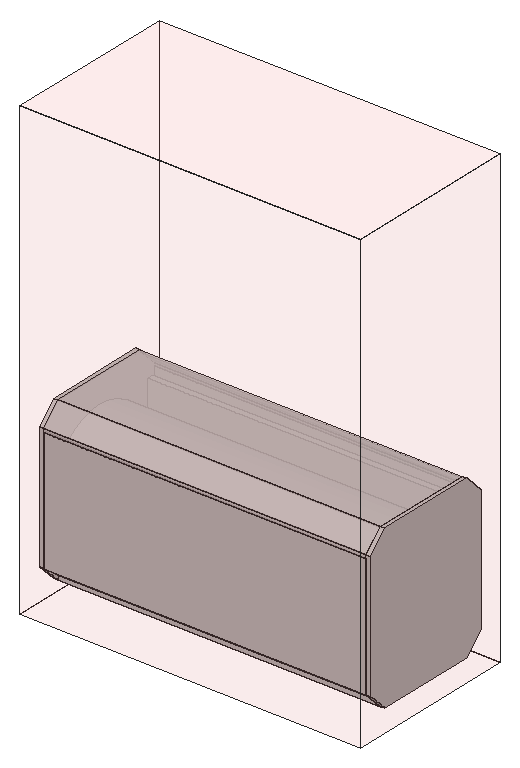
Revit family "Air-Curtain_Specialty_PoweredAire_LDX-Hazardous", category Mechanical Equipment, host Face, Revit 2019
Family settings
  Host = Face
  Round Connector Dimension = Use Diameter
  Part Type = Normal
  OmniClass Number = 23.75.35.17.21
  OmniClass Title = Air Curtains
  Cut with Voids When Loaded = No
  Shared = No
  Room Calculation Point = No
Parameters
  Warranty Duration (Years) = 0
  Unit Width Notes = "Other Widths available."  # constant formula
  Unit Width = 3' - 0"
  Unit Weight = 0
  Unit Height = 1' - 3"
  Unit Depth = 1' - 5 1/2"
  URL = "http://www.poweredaire.com/"
  Test Data = ""
  Standards Conformance = "as Specified"
  Specification = "http://www.arcat.com/sdspecs/htm04/23_34_33pai.htm"
  SpecWizard = ""
  Sound Pressure = "as Specified"
  Sales Information = "http://www.poweredaire.com/contact_us"
  Revision = "R1_2016-08"
  Projection from Host [instance] = 0' - 2"
  Product Properties = ""
  Product Data = "http://www.arcat.com/arcatcos/cos47/arc47623.html"
  Power Rating = 0 W
  Nozzle Width = if(1 = 1, Unit Width - 0' 1", 0' 0")  # 2' - 11"
  Mounting Width = if(1 = 1, Unit Width - 0' 0 15/16", 0' 0")  # 2' - 11 1/16"
  Mounting Height [instance] = 3' - 6"
  Motor RPM = 0
  Motor HP = 0
  Motor Count = 0
  Model = "As Specified"
  Max Height = 0' - 0"
  Manufacturer Website = "http://www.poweredaire.com/"
  Manufacturer Phone - Toll Free = "888-321-2473"
  Manufacturer Phone = "724-588-3305"
  Manufacturer Fax = "724-588-3371"
  Manufacturer Address = "109 Mortensen Rd.  Greenville, PA 16125"
  Manufacturer = "Powered Aire, Inc"
  Maintenance Schedule (Months) = 0
  Keynote = "23 34 33"
  Installation-Fabrication = ""
  Installation Phase = ""
  Include Clearance [instance] = yes
  Heating Element Load = 0 W
  HVAC_Temperature Rise = 0 °F
  HVAC_Outlet Volume = 0 CFM
  HVAC_Outlet Velocity Uniformity = 0
  HVAC_Outlet Velocity = 0 FPM
  Green Building-LEED = "http://www.arcat.com/green/clients/leed_data_47623.html"
  Front Grating Material [instance] = Metal - Steel - PoweredAire - Stainless 304 Perforated
  Frame Finish [instance] = Metal - Steel - PoweredAire - Stainless 304
  Expected Lifespan (Years) = 0
  Electrical_Wattage [instance] = Power Rating + Heating Element Load  # 0 W
  Electrical_Voltage [instance] = 0 V
  Electrical_Phase [instance] = 1
  Electrical_Frequency [instance] = 0 Hz
  Electrical_Amperage [instance] = 0 A
  Drawn By = "Sumex Design, Inc. / Robert S. Weygant, CSI, CDT, SCIP"
  Description = "Powered Aire Air Curtain as Specified"
  Default Elevation = 0' - 0"  # constant formula
  Copyright = "©Arcat Inc."
  Construction Details = "http://www.arcat.com/details/powair/prod3336.html"
  Clearance_Top [instance] = 0' - 2"
  Clearance_Side B [instance] = 0' - 0 1/2"
  Clearance_Side A [instance] = 0' - 0 1/2"
  Clearance_Intake [instance] = 2' - 6"
  Clearance_Bottom [instance] = 0' - 2"
  Clearance Material [instance] = ARCAT Clearance
  Building Codes = ""
  Available Options [instance] = "as Specified"
  Assembly Code = "D3090400"
Reference planes (in)
  plane 1 "Center (Elevation)": y = 0.13818
  plane 2: z = 0
  plane 3 "Center (Left/Right)": x = 0
  plane 4: y = 7.63818
  plane 5: y = -7.36182
  plane 6: x = -18
  plane 7: x = 18
  plane 8: z = 19.5
  plane 9 "FF": y = -41.86182
  plane 10: z = 2
  plane 11: x = 17.5
  plane 12: x = -17.5
  plane 13: y = 9.63818
  plane 14: y = -9.36182
  plane 15: x = -18.5
  plane 16: x = 18.5
  plane 17: z = 49.5
Forms (in)
  Extrusion 1, solid, material "Metal - Steel - PoweredAire - Stainless 304" <- "Frame Finish"
    sketch origin (0, 0, 0) x (0, 1, 0) y (0, 0, 1)
      loop
        line (5.69363, 2) -> (7.63818, 3.94454) -> (7.63818, 17.55546) -> (5.69363, 19.5) -> (-5.41728, 19.5) -> (-7.36182, 17.55546) -> (-7.36182, 3.94454) -> (-5.41728, 2) -> (5.69363, 2)
    from 17.5 to 18
  Extrusion 2, solid, material "Metal - Steel - PoweredAire - Stainless 304" <- "Frame Finish"
    sketch origin (0, 0, -0.5) x (0, 1, 0) y (0, 0, 1)
      loop
        circle (0.13818, 10.9739) r 6.25
      loop
        line (6.63818, 16.89427) -> (6.63818, 5.87829) -> (7.33849, 5.87829) -> (7.33849, 16.89427) -> (6.63818, 16.89427)
      loop
        line (-7.02798, 16.76927) -> (-7.02798, 5.75329) -> (-6.36182, 5.75329) -> (-6.36182, 16.76927) -> (-7.02798, 16.76927)
    from -17.5 to 17.5
  Extrusion 3, solid, material "Metal - Steel - PoweredAire - Stainless 304" <- "Frame Finish"
    sketch origin (0, 0, 0) x (0, 1, 0) y (0, 0, -1)
      loop
        line (5.69363, -2) -> (-5.41728, -2) -> (-7.36182, -3.94454) -> (-7.36182, -17.55546) -> (-5.41728, -19.5) -> (5.69363, -19.5) -> (7.63818, -17.55546) -> (7.63818, -3.94454) -> (5.69363, -2)
    from 17.5 to 18
  Extrusion 4, solid, material "Metal - Steel - PoweredAire - Stainless 304" <- "Frame Finish"
    sketch origin (0, 0, 0) x (0, 1, 0) y (0, 0, 1)
      loop
        line (-5.41728, 2) -> (5.69363, 2) -> (7.63818, 3.94454) -> (7.63818, 17.19454) -> (7.51318, 17.19454) -> (7.51318, 3.99632) -> (5.64186, 2.125) -> (-5.29228, 2.125) -> (-5.29228, 4.06954) -> (-7.23682, 4.06954) -> (-7.23682, 17.19454) -> (-7.36182, 17.19454) -> (-7.36182, 3.94454) -> (-5.41728, 3.94454) -> (-5.41728, 2)
      loop
        line (-6.64819, 3.61034) -> (-5.8702, 2.83235) -> (-5.74472, 2.95783) -> (-6.52271, 3.73583) -> (-6.64819, 3.61034)
    from -17.5 to 17.5
  Extrusion 5, solid, material "Metal - Steel - PoweredAire - Stainless 304 Perforated" <- "Front Grating Material"
    sketch origin (0, 0, 0) x (0, 1, 0) y (0, 0, 1)
      loop
        line (-7.36182, 17.19454) -> (-7.23682, 17.19454) -> (-7.23682, 17.50368) -> (-5.3655, 19.375) -> (5.64186, 19.375) -> (7.51318, 17.50368) -> (7.51318, 17.19454) -> (7.63818, 17.19454) -> (7.63818, 17.55546) -> (5.69363, 19.5) -> (-5.41728, 19.5) -> (-7.36182, 17.55546) -> (-7.36182, 17.19454)
    from -17.5 to 17.5
  Extrusion 6, solid, material "ARCAT Clearance" <- "Clearance Material", visible <- "Include Clearance"
    sketch origin (0, 0, 0) x (0, 1, 0) y (0, 0, 1)
      loop
        line (-9.36182, 49.5) -> (-9.36182, 0) -> (9.63818, 0) -> (9.63818, 49.5) -> (-9.36182, 49.5)
    from -18.5 to 18.5
Dimensions and locks (in)
  equal spacing: plane 4, plane 1 "Center (Elevation)", plane 5
  "Unit Height": plane 4 to plane 5
  equal spacing: plane 6, plane 3 "Center (Left/Right)", plane 7
  "Unit Width": plane 6 to plane 7
  "Mounting Height": plane 1 "Center (Elevation)" to plane 9 "FF"
  "Projection from Host": plane 10 to level
  "Unit Depth": plane 8 to plane 10
  locked: plane 6 to plane 12 at 0.5
  locked: plane 11 to plane 7 at 0.5
  "Clearance_Side A": plane 7 to plane 16
  "Clearance_Side B": plane 15 to plane 6
  "Clearance_Top": plane 13 to plane 4
  "Clearance_Bottom": plane 5 to plane 14
  "Clearance_Intake": plane 17 to plane 8
  aligned and locked: plane 2 to host face
  aligned and locked: level to host face
  aligned and locked: plane 7 to Extrusion 1
  aligned and locked: Extrusion 1 to plane 11
  aligned and locked: plane 12 to Extrusion 3
  aligned and locked: Extrusion 3 to plane 6
  aligned and locked: Extrusion 2 to plane 12
  aligned and locked: plane 11 to Extrusion 2
  aligned and locked: plane 11 to Extrusion 4
  aligned and locked: Extrusion 4 to plane 12
  aligned and locked: plane 11 to Extrusion 5
  aligned and locked: Extrusion 5 to plane 12
  aligned and locked: Extrusion 6 sketch curve to plane 17
  aligned and locked: plane 14 to Extrusion 6 sketch curve
  aligned and locked: level to Extrusion 6 sketch curve
  aligned and locked: Extrusion 6 sketch curve to plane 13
  aligned and locked: plane 16 to Extrusion 6
  aligned and locked: Extrusion 6 to plane 15
Automatic sketch dimensions
  host sketch curve to host sketch curve = 8' - 0"  (x2)
  Extrusion 1 sketch curve to plane 5 = 0' - 0"
  Extrusion 1 sketch curve to plane 8 = 0' - 0"
  Extrusion 1 sketch curve to plane 10 = 0' - 0"
  Extrusion 1 sketch curve to plane 4 = 0' - 0"
  plane 5 to Extrusion 1 sketch curve = 0' - 1.94454"  (x2)
  Extrusion 1 sketch curve to plane 4 = 0' - 1.94454"  (x2)
  plane 10 to Extrusion 1 sketch curve = 0' - 1.94454"  (x2)
  Extrusion 1 sketch curve to plane 8 = 0' - 1.94454"  (x2)
  Extrusion 2 sketch curve to plane 1 "Center (Elevation)" = 0' - 0"
  plane 5 to Extrusion 2 sketch curve = 0' - 1"
  plane 5 to Extrusion 2 sketch curve = 0' - 0.33384"
  Extrusion 2 sketch curve to plane 4 = 0' - 1"
  Extrusion 2 sketch curve to plane 4 = 0' - 0.29969"
  plane 10 to Extrusion 2 sketch curve = 0' - 3.37829"
  plane 10 to Extrusion 2 sketch curve = 0' - 3.25329"
  Extrusion 2 sketch curve to plane 8 = 0' - 9.0261"
  Extrusion 2 sketch curve to plane 8 = 0' - 3.23073"
  Extrusion 2 sketch curve to plane 8 = 0' - 3.10573"
  Extrusion 3 sketch curve to plane 5 = 0' - 0"
  Extrusion 3 sketch curve to plane 8 = 0' - 0"
  Extrusion 3 sketch curve to plane 10 = 0' - 0"
  Extrusion 3 sketch curve to plane 4 = 0' - 0"
  plane 5 to Extrusion 3 sketch curve = 0' - 1.94454"  (x2)
  Extrusion 3 sketch curve to plane 4 = 0' - 1.94454"  (x2)
  Extrusion 3 sketch curve to plane 8 = 0' - 1.94454"  (x2)
  plane 10 to Extrusion 3 sketch curve = 0' - 1.94454"  (x2)
  Extrusion 4 sketch curve to plane 5 = 0' - 0"
  Extrusion 4 sketch curve to plane 10 = 0' - 0"
  Extrusion 4 sketch curve to plane 4 = 0' - 0"
  plane 5 to Extrusion 4 sketch curve = 0' - 0 1/8"
  plane 5 to Extrusion 4 sketch curve = 0' - 0.71363"
  Extrusion 4 sketch curve to Extrusion 4 sketch curve = 0' - 0.12548"  (x2)
  Extrusion 4 sketch curve to Extrusion 4 sketch curve = 0' - 0.778"
  Extrusion 4 sketch curve to Extrusion 4 sketch curve = 0' - 0.32744"
  Extrusion 4 sketch curve to Extrusion 4 sketch curve = 0' - 0 1/8"  (x2)
  plane 10 to Extrusion 4 sketch curve = 0' - 0 1/8"
  Extrusion 4 sketch curve to plane 4 = 0' - 1.99632"
  Extrusion 4 sketch curve to Extrusion 4 sketch curve = 0' - 0.05178"  (x2)
  plane 10 to Extrusion 4 sketch curve = 0' - 0.83235"
  plane 10 to Extrusion 4 sketch curve = 0' - 1.94454"
  Extrusion 4 sketch curve to Extrusion 4 sketch curve = 0' - 0.3342"
  Extrusion 4 sketch curve to plane 4 = 0' - 0 1/8"
  Extrusion 4 sketch curve to plane 8 = 0' - 2.30546"  (x2)
  Extrusion 5 sketch curve to plane 5 = 0' - 0"
  Extrusion 5 sketch curve to plane 8 = 0' - 0"
  Extrusion 5 sketch curve to plane 4 = 0' - 0"
  plane 5 to Extrusion 5 sketch curve = 0' - 0 1/8"
  plane 5 to Extrusion 5 sketch curve = 0' - 1.94454"
  Extrusion 5 sketch curve to plane 8 = 0' - 0 1/8"
  Extrusion 5 sketch curve to Extrusion 5 sketch curve = 0' - 0.05178"  (x4)
  Extrusion 5 sketch curve to plane 4 = 0' - 1.99632"
  Extrusion 5 sketch curve to plane 8 = 0' - 1.94454"  (x2)
  Extrusion 5 sketch curve to Extrusion 5 sketch curve = 0' - 0 1/8"
  Extrusion 5 sketch curve to Extrusion 5 sketch curve = 0' - 0.30914"  (x2)
  radius of Extrusion 2 sketch curve = 0' - 6 1/4"
Connectors (in)
  electrical at (0, 7.63818, 10.56954), driven by "Electrical_Phase", driven by "Electrical_Voltage"
    settings: on Extrusion 4, index 1, voltage 0 V, apparent load 0 VA, apparent load phase1 0 VA, apparent load phase2 0 VA, apparent load phase3 0 VA, power factor 1, load classification "Motor", number of poles 1, system type 31, power factor state 1, is connector primary yes, connector utility no, sub classification motor no, connector description ""
